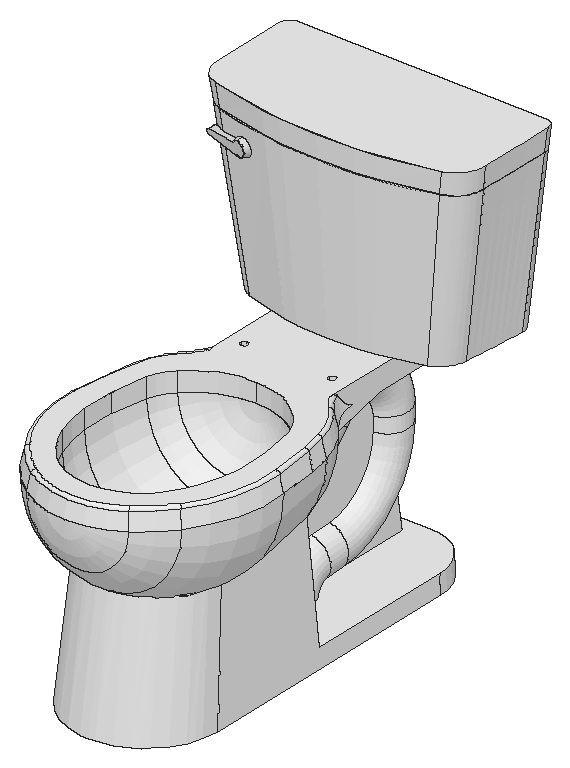
Revit family "Plumbing-Pressure-Assist-Water-Closet-Sloan-Valve-WETS-80098016_", category Plumbing Fixtures, host Face, Revit 2019
Family settings
  Host = Face
  Round Connector Dimension = Use Diameter
  Part Type = Normal
  OmniClass Number = 23.45.05.21.11.11
  OmniClass Title = Water Operated Water Closets
  Cut with Voids When Loaded = No
  Shared = No
  Room Calculation Point = No
Parameters (values of type "WETS-8009.8016")
  Width = 18 1/4"  # constant formula
  Water Closet Code = "2108009"
  Valve Pressure Drop = 0.00 psi
  Tank Code = "2108016"
  Sanitary Drain Connector Description = "Sanitary Drain Connector d2 1/8\""
  Sanitary Drain Connection Diameter = 2 1/8"  # constant formula
  Real Distance to Wall [instance] = if(Distance to Wall < 3/4", 3/4", Distance to Wall)  # 3/4"
  Waste Connection = yes
  WFU = 10
  Vent Connection = yes
  URL = "www.sloanvalve.com"
  Product data url = "https://bimobject.com/sloan_valve/product/pressure-assist-water-closets_sloan_wets-80098016"
  Product Material = Sloan Valve - Vitreous China - White
  Product Guid = ""
  Part Number = "WETS-8009.8016"
  Model = "WETS-8009.8016"
  Minimum Static Pressure = "25 PSI (138 kPa)"  # constant formula
  Maximum Static Pressure = "80 PSI (552 kPa)"  # constant formula
  Manufacturer = "Sloan Valve"  # constant formula
  Keynote = "15410"
  Height = 28 1/4"  # constant formula
  HWFU = 0
  HW Connection = yes
  Flush Rate = "1.0 gpf (3.8 Lpf)"
  Depth = 30 3/8"  # constant formula
  Cold Water Connector Description = "Cold Water Connector d1/2\""
  Cold Water Connection Diameter = 1/2"  # constant formula
  Edition number = 1
  Distance to Wall [instance] = 3/4"
  Description = "Floor-Mounted 1.0 gpf (3.8 Lpf) 12\" Rough-in Pressure-Assisted/Tank Toilet."
  Default Elevation = 0"
  CWFU = 10
  CW Connection = yes
  Assembly Code = "D2010"
  ADA Compliant [instance] = 1 = 2  # no
Reference planes
  plane 1 "Center (Front/Back)": y = 0
  plane 2: z = 0
  plane 3 "Center (Left/Right)": x = 0
  plane 4: x = -201.612
  plane 5: x = 201.613
  plane 6: y = -762.786
  plane 7: y = -19.05
  plane 8: x = -201.612
  plane 9: x = 201.613
  plane 10: y = -756.436
  plane 11: y = -12.7
Forms (mm)
  Blend 1, solid, material "Sloan Valve - Vitreous China - White" <- "Product Material"
    base sketch origin (0, 0, 0) x (1, 0, 0) y (0, 1, 0)
      loop
        arc (-34.925, -45.045) -> (-97.787, -71.084) -> (-123.825, -133.945) r 88.9
        line (-123.825, -133.945) -> (-123.825, -615.95)
        arc (-123.825, -615.95) -> (0, -739.775) -> (123.825, -615.95) r 123.825
        line (123.825, -615.95) -> (123.825, -133.945)
        arc (123.825, -133.945) -> (97.787, -71.084) -> (34.925, -45.045) r 88.9
        line (34.925, -45.045) -> (-34.925, -45.045)
    top sketch origin (0, 0, 0) x (1, 0, 0) y (0, 1, 0)
      loop
        arc (-109.537, -584.301) -> (0, -693.838) -> (109.537, -584.301) r 109.537
        line (109.537, -584.301) -> (109.537, -133.945)
        arc (109.537, -133.945) -> (83.499, -71.084) -> (20.637, -45.045) r 88.9
        line (20.637, -45.045) -> (-20.637, -45.045)
        arc (-20.637, -45.045) -> (-83.499, -71.084) -> (-109.537, -133.945) r 88.9
        line (-109.537, -133.945) -> (-109.537, -584.301)
    from 0 to 312.058
  Extrusion 2, solid, material "Sloan Valve - Vitreous China - White" <- "Product Material"
    sketch origin (0, 0, -25.4) x (0, 1, 0) y (0, 0, 1)
      loop
        line (-369.05, 348.14) -> (-241.882, 379.846) -> (-70.211, 379.846) -> (-64.931, 440.2) -> (-185.947, 440.2)
        arc (-185.947, 440.2) -> (-192.127, 425.28) -> (-207.047, 419.1) r 21.1
        line (-207.047, 419.1) -> (-369.05, 419.1) -> (-369.05, 348.14)
    from -104.047 to 104.047
  Sweep 3, solid, material "Sloan Valve - Vitreous China - White" <- "Product Material"
    path origin (0, 0, 0) x (0, 1, 0) y (0, 0, 1)
      loop
        line (-304.8, 0) -> (-304.8, 30.289)
        arc (-304.8, 30.289) -> (-293.174, 59.429) -> (-264.682, 72.564) r 42.333
        line (-264.682, 72.564) -> (-226.487, 74.566)
        arc (-226.487, 74.566) -> (-134.627, 116.914) -> (-97.145, 210.864) r 136.485
        line (-97.145, 210.864) -> (-97.145, 236.948)
        arc (-97.145, 236.948) -> (-144.28, 307.387) -> (-227.373, 290.682) r 76.2
        arc (-227.373, 290.682) -> (-233.15, 284.615) -> (-238.657, 278.301) r 192.236
        arc (-238.657, 278.301) -> (-334.604, 206.706) -> (-452.54, 186.145) r 257.901
    profile origin (0, -304.8, 15.145) x (0, -1, 0) y (1, 0, 0)
      loop
        circle (0, 0) r 38.1
  Extrusion 4, solid, material "Sloan Valve - Vitreous China - White" <- "Product Material"
    sketch origin (22.443, 0, 0) x (0, 1, 0) y (0, 0, 1)
      loop
        line (-68.2, 389.4) -> (-235.377, 389.4) -> (-261.569, 382.87) -> (-496.95, 175.082) -> (-484.132, 28.575) -> (-70.397, 28.575)
        arc (-70.397, 28.575) -> (-82.455, 126.803) -> (-68.088, 224.72) r 370.607
        arc (-68.088, 224.72) -> (-59.936, 265.377) -> (-58.507, 306.818) r 254
        arc (-58.507, 306.818) -> (-61.916, 348.278) -> (-68.2, 389.4) r 598.021
    from -28.793 to -16.093
  Extrusion 5, solid, not visible
    sketch origin (0, 0, 0) x (1, 0, 0) y (0, 0, 1)
      loop
        circle (-152.4, 254) r 6.35
    from 0 to 0.794
  Blend 6, solid, material "Sloan Valve - Vitreous China - White" <- "Product Material"
    base sketch origin (0, 0.822, 430.81) x (1, 0, 0) y (0, 1, 0)
      loop
        line (-196.16, -48.519) -> (-186.739, -156.202)
        arc (-186.739, -156.202) -> (-176.518, -182.59) -> (-153.766, -199.416) r 50.8
        arc (-153.766, -199.416) -> (0, -226.96) -> (153.766, -199.416) r 442.975
        arc (153.766, -199.416) -> (176.518, -182.59) -> (186.739, -156.202) r 50.8
        line (186.739, -156.202) -> (196.16, -48.519)
        arc (196.16, -48.519) -> (191.227, -33.989) -> (177.182, -27.809) r 19.05
        line (177.182, -27.809) -> (-177.182, -27.809)
        arc (-177.182, -27.809) -> (-191.227, -33.989) -> (-196.16, -48.519) r 19.05
    top sketch origin (0, 0.822, 430.81) x (1, 0, 0) y (0, 1, 0)
      loop
        arc (-212.725, -19.872) -> (-226.195, -25.451) -> (-231.775, -38.922) r 19.05
        line (-231.775, -38.922) -> (-231.775, -172.47)
        arc (-231.775, -172.47) -> (-221.507, -203.094) -> (-194.854, -221.338) r 50.8
        arc (-194.854, -221.338) -> (0, -248.472) -> (194.854, -221.338) r 713.209
        arc (194.854, -221.338) -> (221.507, -203.094) -> (231.775, -172.47) r 50.8
        line (231.775, -172.47) -> (231.775, -38.922)
        arc (231.775, -38.922) -> (226.195, -25.451) -> (212.725, -19.872) r 19.05
        line (212.725, -19.872) -> (-212.725, -19.872)
    from -37.11 to 286.74
  Extrusion 7, solid, material "Sloan Valve - Finish - Polished Chrome"
    sketch origin (-20.292, -269.587, 900.595) x (-0.97881, 0.203994, 0.017847) y (0, 0.087156, -0.996195)
      loop
        line (127, 257.261) -> (188.747, 261.579)
        arc (188.747, 261.579) -> (192.467, 265.466) -> (188.955, 269.542) r 4.001
        line (188.955, 269.542) -> (127, 277.149) -> (127, 257.261)
    from 0 to 12.7
  Revolve 8, solid, material "Sloan Valve - Finish - Polished Chrome"
    sketch origin (-369.854, -1316.287, 809.02) x (-0.204773, -0.975085, -0.085309) y (0, 0.087156, -0.996195)
      loop
        line (-1100.014, 265.639) -> (-1087.314, 265.639) -> (-1087.314, 277.803) -> (-1087.756, 278.482) -> (-1100.014, 282.465) -> (-1100.014, 265.639)
      axis (-1100.014, 265.639) -> (-1087.314, 265.639)
    angle from 0 to 360
  Revolve 9, solid, material "Sloan Valve - Vitreous China - White" <- "Product Material"
    sketch origin (0, -107.509, 360.363) x (1, 0, 0) y (0, 1, 0)
      loop
        line (0, -683.066) -> (0, -633.619)
        arc (0, -633.619) -> (-54.455, -620.155) -> (-96.361, -582.866) r 116.854
        arc (-96.361, -582.866) -> (-108.844, -562.27) -> (-118.928, -540.399) r 213.603
        arc (-118.928, -540.399) -> (-129.044, -507.813) -> (-134.203, -474.085) r 228.843
        arc (-134.203, -474.085) -> (-133.643, -413.542) -> (-122.68, -353.997) r 350.763
        arc (-122.68, -353.997) -> (-114.097, -332.991) -> (-100.788, -314.61) r 95.25
        arc (-100.788, -314.61) -> (-55.004, -282.028) -> (0, -270.524) r 137.251
        line (0, -270.524) -> (0, -209.239)
        arc (0, -209.239) -> (-18.194, -209.694) -> (-36.342, -211.057) r 364.157
        arc (-36.342, -211.057) -> (-122.715, -249.087) -> (-170.133, -330.684) r 152.4
        arc (-170.133, -330.684) -> (-180.229, -386.679) -> (-186.583, -443.221) r 855.912
        arc (-186.583, -443.221) -> (-178.018, -528.288) -> (-140.189, -604.962) r 240.102
        arc (-140.189, -604.962) -> (-116.352, -632.223) -> (-88.426, -655.277) r 223.457
        arc (-88.426, -655.277) -> (-46.345, -675.956) -> (0, -683.066) r 154.581
      axis (0, -209.239) -> (0, -683.066)
    angle from 0 to 180
  Extrusion 10, solid, material "Vitreous China-Sloan-White"
    sketch origin (0, -122.297, -1.685) x (1, 0, 0) y (0, 0, 1)
      loop
        arc (57.698, 221.011) -> (0.981, 212.195) -> (-56.307, 215.748) r 266.082
        line (-56.307, 215.748) -> (-39.243, 151.174)
        arc (-39.243, 151.174) -> (0, 120.954) -> (39.243, 151.174) r 40.59
        line (39.243, 151.174) -> (57.698, 221.011)
    from 346.299 to 429.496
  Blend 11, solid, material "Sloan Valve - Vitreous China - White" <- "Product Material"
    base sketch origin (0, -108.545, 375.1) x (1, 0, 0) y (0, 0, 1)
      loop
        line (25.325, -14.42) -> (-25.325, -14.42) -> (-25.325, -20.654)
        arc (-25.325, -20.654) -> (0, -45.979) -> (25.325, -20.654) r 25.325
        line (25.325, -20.654) -> (25.325, -14.42)
    top sketch origin (0, -108.545, 375.1) x (1, 0, 0) y (0, 0, 1)
      loop
        line (46.038, -14.42) -> (-46.037, -14.42) -> (-46.037, -23.887)
        arc (-46.037, -23.887) -> (0, -69.925) -> (46.038, -23.887) r 46.037
        line (46.038, -23.887) -> (46.038, -14.42)
    from 129.035 to 108.105
  Blend 12, solid, material "Sloan Valve - Vitreous China - White" <- "Product Material"
    base sketch origin (0, -108.545, 375.1) x (1, 0, 0) y (0, 0, 1)
      loop
        line (46.038, -14.42) -> (-46.037, -14.42) -> (-46.037, -23.887)
        arc (-46.037, -23.887) -> (0, -69.925) -> (46.038, -23.887) r 46.037
        line (46.038, -23.887) -> (46.038, -14.42)
    top sketch origin (0, -108.545, 375.1) x (1, 0, 0) y (0, 0, 1)
      loop
        line (46.038, -14.42) -> (-46.037, -14.42) -> (-46.037, -43.731)
        arc (-46.037, -43.731) -> (0, -89.769) -> (46.038, -43.731) r 46.038
        line (46.038, -43.731) -> (46.038, -14.42)
    from 108.105 to 38.1
  Sweep 13, solid, material "Sloan Valve - Vitreous China - White" <- "Product Material"
    path origin (0, -122.297, 0) x (0, 1, 0) y (0, 0, 1)
      loop
        arc (-352.549, 201.173) -> (-327.484, 201.16) -> (-302.744, 205.182) r 155.194
        arc (-302.744, 205.182) -> (-278.132, 217.142) -> (-260.549, 238.11) r 65.532
        arc (-260.549, 238.11) -> (-246.125, 268.805) -> (-234.718, 300.744) r 352.298
        arc (-234.718, 300.744) -> (-234.446, 301.431) -> (-234.066, 302.064) r 4.499
        arc (-234.066, 302.064) -> (-210.936, 321.963) -> (-181.277, 329.121) r 65.024
        line (-181.277, 329.121) -> (-115.283, 329.121)
    profile origin (0, -270.577, 329.121) x (0, 0, 1) y (1, 0, 0)
      loop
        line (25.325, -25.325) -> (25.325, 25.325)
        arc (25.325, 25.325) -> (0, 0) -> (25.325, -25.325) r 25.325
  Sweep 14, solid, material "Sloan Valve - Vitreous China - White" <- "Product Material"
    path origin (0, 0, 0) x (1, 0, 0) y (0, 1, 0)
      loop
        line (-104.047, -185.947) -> (-104.047, -295.646)
        arc (-104.047, -295.646) -> (-111.251, -333.222) -> (-131.841, -365.47) r 101.6
        arc (-131.841, -365.47) -> (-155.982, -399.201) -> (-170.133, -438.192) r 152.4
        arc (-170.133, -438.192) -> (-174.125, -457.895) -> (-177.652, -477.686) r 855.912
        arc (-177.652, -477.686) -> (-182.903, -514.112) -> (-186.583, -550.729) r 855.912
        arc (-186.583, -550.729) -> (-178.018, -635.797) -> (-140.189, -712.47) r 240.102
        arc (-140.189, -712.47) -> (-116.352, -739.732) -> (-88.426, -762.786) r 223.457
        arc (-88.426, -762.786) -> (0, -790.575) -> (88.426, -762.786) r 154.581
        arc (88.426, -762.786) -> (116.352, -739.732) -> (140.189, -712.47) r 223.457
        arc (140.189, -712.47) -> (178.018, -635.797) -> (186.583, -550.729) r 240.102
        arc (186.583, -550.729) -> (182.903, -514.112) -> (177.652, -477.686) r 855.912
        arc (177.652, -477.686) -> (174.125, -457.895) -> (170.133, -438.192) r 855.912
        arc (170.133, -438.192) -> (155.982, -399.201) -> (131.841, -365.47) r 152.4
        arc (131.841, -365.47) -> (111.251, -333.222) -> (104.047, -295.646) r 101.6
        line (104.047, -295.646) -> (104.047, -185.947)
    profile origin (0, -790.575, 0) x (0, 1, 0) y (0, 0, 1)
      loop
        line (0, 360.362) -> (18.191, 360.362) -> (18.191, 393.7) -> (12.748, 393.7)
        arc (12.748, 393.7) -> (8.795, 392.32) -> (6.56, 388.778) r 6.35
        line (6.56, 388.778) -> (0, 360.362)
  Extrusion 15, void
    sketch origin (0, 0, 0) x (1, 0, 0) y (0, 1, 0)
      loop
        arc (118.928, -647.907) -> (129.044, -615.321) -> (134.203, -581.593) r 228.843
        arc (134.203, -581.593) -> (135.243, -552.98) -> (133.946, -524.377) r 350.763
        arc (133.946, -524.377) -> (129.747, -492.684) -> (122.68, -461.506) r 350.763
        arc (122.68, -461.506) -> (114.097, -440.499) -> (100.788, -422.119) r 95.25
        arc (100.788, -422.119) -> (55.004, -389.536) -> (0, -378.032) r 137.251
        arc (0, -378.032) -> (-55.004, -389.536) -> (-100.788, -422.119) r 137.251
        arc (-100.788, -422.119) -> (-114.097, -440.499) -> (-122.68, -461.506) r 95.25
        arc (-122.68, -461.506) -> (-129.747, -492.684) -> (-133.946, -524.377) r 350.763
        arc (-133.946, -524.377) -> (-135.243, -552.98) -> (-134.203, -581.593) r 350.763
        arc (-134.203, -581.593) -> (-129.044, -615.321) -> (-118.928, -647.907) r 228.843
        arc (-118.928, -647.907) -> (-108.844, -669.778) -> (-96.361, -690.375) r 213.603
        arc (-96.361, -690.375) -> (-54.455, -727.664) -> (0, -741.127) r 116.854
        arc (0, -741.127) -> (54.455, -727.664) -> (96.361, -690.375) r 116.854
        arc (96.361, -690.375) -> (108.844, -669.778) -> (118.928, -647.907) r 213.603
    from 360.362 to 393.7
  Extrusion 16, solid, material "Sloan Valve - Vitreous China - White" <- "Product Material"
    sketch origin (0, 0, 0) x (1, 0, 0) y (0, 1, 0)
      loop
        arc (-168.448, -552.159) -> (-160.532, -630.781) -> (-125.569, -701.646) r 221.912
        arc (-125.569, -701.646) -> (-103.673, -726.688) -> (-78.02, -747.865) r 205.266
        arc (-78.02, -747.865) -> (0, -772.384) -> (78.02, -747.865) r 136.39
        arc (78.02, -747.865) -> (103.673, -726.688) -> (125.569, -701.646) r 205.266
        arc (125.569, -701.646) -> (160.532, -630.781) -> (168.448, -552.159) r 221.912
        arc (168.448, -552.159) -> (164.847, -516.319) -> (159.708, -480.668) r 837.721
        arc (159.708, -480.668) -> (156.255, -461.297) -> (152.348, -442.013) r 837.721
        arc (152.348, -442.013) -> (139.886, -407.676) -> (118.627, -377.971) r 134.209
        arc (118.627, -377.971) -> (110.867, -368.903) -> (104.047, -359.107) r 119.791
        line (104.047, -359.107) -> (104.047, -369.05) -> (-104.047, -369.05) -> (-104.047, -359.107)
        arc (-104.047, -359.107) -> (-110.867, -368.903) -> (-118.627, -377.971) r 119.791
        arc (-118.627, -377.971) -> (-139.886, -407.676) -> (-152.348, -442.013) r 134.209
        arc (-152.348, -442.013) -> (-156.255, -461.297) -> (-159.708, -480.668) r 837.721
        arc (-159.708, -480.668) -> (-164.847, -516.319) -> (-168.448, -552.159) r 837.721
    from 360.362 to 393.7
  Extrusion 17, void
    sketch origin (0, 0, 0) x (0, 1, 0) y (0, 0, 1)
      loop
        line (-419.1, 368.114) -> (-395.566, 31.564) -> (-10.202, 31.564) -> (-10.202, 368.114) -> (-419.1, 368.114)
    from -219.74 to 304.8
  Revolve 18, void
    sketch origin (0, -107.509, 360.363) x (1, 0, 0) y (0, 1, 0)
      loop
        line (0, -639.969) -> (0, -264.174)
        arc (0, -264.174) -> (-57.549, -276.21) -> (-105.451, -310.3) r 143.601
        arc (-105.451, -310.3) -> (-119.647, -329.906) -> (-128.802, -352.313) r 101.6
        arc (-128.802, -352.313) -> (-139.964, -412.935) -> (-140.534, -474.574) r 357.113
        arc (-140.534, -474.574) -> (-135.232, -509.238) -> (-124.835, -542.728) r 235.193
        arc (-124.835, -542.728) -> (-114.451, -565.249) -> (-101.598, -586.458) r 219.953
        arc (-101.598, -586.458) -> (-57.414, -625.773) -> (0, -639.969) r 123.204
      axis (0, -264.174) -> (0, -639.969)
    angle from 0 to 180
  Extrusion 19, void
    sketch origin (0, 0, 0) x (1, 0, 0) y (0, 1, 0)
      loop
        arc (-212.725, -19.05) -> (-226.195, -24.63) -> (-231.775, -38.1) r 19.05
        line (-231.775, -38.1) -> (-231.775, -171.649)
        arc (-231.775, -171.649) -> (-221.507, -202.272) -> (-194.854, -220.516) r 50.8
        arc (-194.854, -220.516) -> (0, -247.65) -> (194.854, -220.516) r 713.209
        arc (194.854, -220.516) -> (221.507, -202.272) -> (231.775, -171.649) r 50.8
        line (231.775, -171.649) -> (231.775, -38.1)
        arc (231.775, -38.1) -> (226.195, -24.63) -> (212.725, -19.05) r 19.05
        line (212.725, -19.05) -> (-212.725, -19.05)
      loop
        line (-225.425, -38.1) -> (-225.425, -171.649)
        arc (-225.425, -171.649) -> (-216.441, -198.444) -> (-193.119, -214.408) r 44.45
        arc (-193.119, -214.408) -> (0, -241.3) -> (193.119, -214.408) r 706.859
        arc (193.119, -214.408) -> (216.441, -198.444) -> (225.425, -171.649) r 44.45
        line (225.425, -171.649) -> (225.425, -38.1)
        arc (225.425, -38.1) -> (221.705, -29.12) -> (212.725, -25.4) r 12.7
        line (212.725, -25.4) -> (-212.725, -25.4)
        arc (-212.725, -25.4) -> (-221.705, -29.12) -> (-225.425, -38.1) r 12.7
    from 678.093 to 679.681
  Extrusion 20, void
    sketch origin (0, 0, 0) x (1, 0, 0) y (0, 1, 0)
      loop
        circle (-76.2, -307.975) r 6.35
      loop
        circle (76.2, -307.975) r 6.35
    from 341.312 to 499.954
  Blend 21, solid, material "Sloan Valve - Vitreous China - White" <- "Product Material", not visible
    base sketch origin (0, 6.35, 0) x (1, 0, 0) y (0, 1, 0)
      loop
        arc (-34.925, -45.045) -> (-97.787, -71.084) -> (-123.825, -133.945) r 88.9
        line (-123.825, -133.945) -> (-123.825, -615.95)
        arc (-123.825, -615.95) -> (0, -739.775) -> (123.825, -615.95) r 123.825
        line (123.825, -615.95) -> (123.825, -133.945)
        arc (123.825, -133.945) -> (97.787, -71.084) -> (34.925, -45.045) r 88.9
        line (34.925, -45.045) -> (-34.925, -45.045)
    top sketch origin (0, 6.35, 0) x (1, 0, 0) y (0, 1, 0)
      loop
        arc (-109.537, -584.301) -> (0, -693.838) -> (109.537, -584.301) r 109.537
        line (109.537, -584.301) -> (109.537, -133.945)
        arc (109.537, -133.945) -> (83.499, -71.084) -> (20.637, -45.045) r 88.9
        line (20.637, -45.045) -> (-20.637, -45.045)
        arc (-20.637, -45.045) -> (-83.499, -71.084) -> (-109.537, -133.945) r 88.9
        line (-109.537, -133.945) -> (-109.537, -584.301)
    from 0 to 312.058
  Extrusion 22, solid, material "Sloan Valve - Vitreous China - White" <- "Product Material", not visible
    sketch origin (0, 6.35, -25.4) x (0, 1, 0) y (0, 0, 1)
      loop
        line (-369.05, 348.14) -> (-241.882, 379.846) -> (-70.211, 379.846) -> (-64.931, 440.2) -> (-185.947, 440.2)
        arc (-185.947, 440.2) -> (-192.127, 425.28) -> (-207.047, 419.1) r 21.1
        line (-207.047, 419.1) -> (-369.05, 419.1) -> (-369.05, 348.14)
    from -104.047 to 104.047
  Sweep 23, solid, material "Sloan Valve - Vitreous China - White" <- "Product Material", not visible
    path origin (0, 6.35, 0) x (0, 1, 0) y (0, 0, 1)
      loop
        line (-304.8, 0) -> (-304.8, 30.289)
        arc (-304.8, 30.289) -> (-293.174, 59.429) -> (-264.682, 72.564) r 42.333
        line (-264.682, 72.564) -> (-226.487, 74.566)
        arc (-226.487, 74.566) -> (-134.627, 116.914) -> (-97.145, 210.864) r 136.485
        line (-97.145, 210.864) -> (-97.145, 236.948)
        arc (-97.145, 236.948) -> (-144.28, 307.387) -> (-227.373, 290.682) r 76.2
        arc (-227.373, 290.682) -> (-233.15, 284.615) -> (-238.657, 278.301) r 192.236
        arc (-238.657, 278.301) -> (-334.604, 206.706) -> (-452.54, 186.145) r 257.901
    profile origin (0, -298.45, 15.145) x (0, -1, 0) y (1, 0, 0)
      loop
        circle (0, 0) r 38.1
  Extrusion 24, solid, material "Sloan Valve - Vitreous China - White" <- "Product Material", not visible
    sketch origin (22.443, 6.35, 0) x (0, 1, 0) y (0, 0, 1)
      loop
        line (-68.2, 389.4) -> (-235.377, 389.4) -> (-261.569, 382.87) -> (-496.95, 175.082) -> (-484.132, 28.575) -> (-70.397, 28.575)
        arc (-70.397, 28.575) -> (-82.455, 126.803) -> (-68.088, 224.72) r 370.607
        arc (-68.088, 224.72) -> (-59.936, 265.377) -> (-58.507, 306.818) r 254
        arc (-58.507, 306.818) -> (-61.916, 348.278) -> (-68.2, 389.4) r 598.021
    from -28.793 to -16.093
  Blend 25, solid, material "Sloan Valve - Vitreous China - White" <- "Product Material", not visible
    base sketch origin (0, 7.172, 430.81) x (1, 0, 0) y (0, 1, 0)
      loop
        line (-196.16, -48.519) -> (-186.739, -156.202)
        arc (-186.739, -156.202) -> (-176.518, -182.59) -> (-153.766, -199.416) r 50.8
        arc (-153.766, -199.416) -> (0, -226.96) -> (153.766, -199.416) r 442.975
        arc (153.766, -199.416) -> (176.518, -182.59) -> (186.739, -156.202) r 50.8
        line (186.739, -156.202) -> (196.16, -48.519)
        arc (196.16, -48.519) -> (191.227, -33.989) -> (177.182, -27.809) r 19.05
        line (177.182, -27.809) -> (-177.182, -27.809)
        arc (-177.182, -27.809) -> (-191.227, -33.989) -> (-196.16, -48.519) r 19.05
    top sketch origin (0, 7.172, 430.81) x (1, 0, 0) y (0, 1, 0)
      loop
        arc (-212.725, -19.872) -> (-226.195, -25.451) -> (-231.775, -38.922) r 19.05
        line (-231.775, -38.922) -> (-231.775, -172.47)
        arc (-231.775, -172.47) -> (-221.507, -203.094) -> (-194.854, -221.338) r 50.8
        arc (-194.854, -221.338) -> (0, -248.472) -> (194.854, -221.338) r 713.209
        arc (194.854, -221.338) -> (221.507, -203.094) -> (231.775, -172.47) r 50.8
        line (231.775, -172.47) -> (231.775, -38.922)
        arc (231.775, -38.922) -> (226.195, -25.451) -> (212.725, -19.872) r 19.05
        line (212.725, -19.872) -> (-212.725, -19.872)
    from -37.11 to 286.74
  Extrusion 26, solid, material "Sloan Valve - Finish - Polished Chrome", not visible
    sketch origin (-20.292, -263.237, 900.595) x (-0.97881, 0.203994, 0.017847) y (0, 0.087156, -0.996195)
      loop
        line (127, 257.261) -> (188.747, 261.579)
        arc (188.747, 261.579) -> (192.467, 265.466) -> (188.955, 269.542) r 4.001
        line (188.955, 269.542) -> (127, 277.149) -> (127, 257.261)
    from 0 to 12.7
  Revolve 27, solid, material "Sloan Valve - Finish - Polished Chrome", not visible
    sketch origin (-369.854, -1309.937, 809.02) x (-0.204773, -0.975085, -0.085309) y (0, 0.087156, -0.996195)
      loop
        line (-1100.014, 265.639) -> (-1087.314, 265.639) -> (-1087.314, 277.803) -> (-1087.756, 278.482) -> (-1100.014, 282.465) -> (-1100.014, 265.639)
      axis (-1100.014, 265.639) -> (-1087.314, 265.639)
    angle from 0 to 360
  Revolve 28, solid, material "Sloan Valve - Vitreous China - White" <- "Product Material", not visible
    sketch origin (0, -101.159, 360.363) x (1, 0, 0) y (0, 1, 0)
      loop
        line (0, -683.066) -> (0, -633.619)
        arc (0, -633.619) -> (-54.455, -620.155) -> (-96.361, -582.866) r 116.854
        arc (-96.361, -582.866) -> (-108.844, -562.27) -> (-118.928, -540.399) r 213.603
        arc (-118.928, -540.399) -> (-129.044, -507.813) -> (-134.203, -474.085) r 228.843
        arc (-134.203, -474.085) -> (-133.643, -413.542) -> (-122.68, -353.997) r 350.763
        arc (-122.68, -353.997) -> (-114.097, -332.991) -> (-100.788, -314.61) r 95.25
        arc (-100.788, -314.61) -> (-55.004, -282.028) -> (0, -270.524) r 137.251
        line (0, -270.524) -> (0, -209.239)
        arc (0, -209.239) -> (-18.194, -209.694) -> (-36.342, -211.057) r 364.157
        arc (-36.342, -211.057) -> (-122.715, -249.087) -> (-170.133, -330.684) r 152.4
        arc (-170.133, -330.684) -> (-180.229, -386.679) -> (-186.583, -443.221) r 855.912
        arc (-186.583, -443.221) -> (-178.018, -528.288) -> (-140.189, -604.962) r 240.102
        arc (-140.189, -604.962) -> (-116.352, -632.223) -> (-88.426, -655.277) r 223.457
        arc (-88.426, -655.277) -> (-46.345, -675.956) -> (0, -683.066) r 154.581
      axis (0, -209.239) -> (0, -683.066)
    angle from 0 to 180
  Extrusion 29, solid, material "Vitreous China-Sloan-White", not visible
    sketch origin (0, -115.947, -1.685) x (1, 0, 0) y (0, 0, 1)
      loop
        arc (57.698, 221.011) -> (0.981, 212.195) -> (-56.307, 215.748) r 266.082
        line (-56.307, 215.748) -> (-39.243, 151.174)
        arc (-39.243, 151.174) -> (0, 120.954) -> (39.243, 151.174) r 40.59
        line (39.243, 151.174) -> (57.698, 221.011)
    from 346.299 to 429.496
  Blend 30, solid, material "Sloan Valve - Vitreous China - White" <- "Product Material", not visible
    base sketch origin (0, -102.195, 375.1) x (1, 0, 0) y (0, 0, 1)
      loop
        line (25.325, -14.42) -> (-25.325, -14.42) -> (-25.325, -20.654)
        arc (-25.325, -20.654) -> (0, -45.979) -> (25.325, -20.654) r 25.325
        line (25.325, -20.654) -> (25.325, -14.42)
    top sketch origin (0, -102.195, 375.1) x (1, 0, 0) y (0, 0, 1)
      loop
        line (46.038, -14.42) -> (-46.037, -14.42) -> (-46.037, -23.887)
        arc (-46.037, -23.887) -> (0, -69.925) -> (46.038, -23.887) r 46.037
        line (46.038, -23.887) -> (46.038, -14.42)
    from 129.035 to 108.105
  Blend 31, solid, material "Sloan Valve - Vitreous China - White" <- "Product Material", not visible
    base sketch origin (0, -102.195, 375.1) x (1, 0, 0) y (0, 0, 1)
      loop
        line (46.038, -14.42) -> (-46.037, -14.42) -> (-46.037, -23.887)
        arc (-46.037, -23.887) -> (0, -69.925) -> (46.038, -23.887) r 46.037
        line (46.038, -23.887) -> (46.038, -14.42)
    top sketch origin (0, -102.195, 375.1) x (1, 0, 0) y (0, 0, 1)
      loop
        line (46.038, -14.42) -> (-46.037, -14.42) -> (-46.037, -43.731)
        arc (-46.037, -43.731) -> (0, -89.769) -> (46.038, -43.731) r 46.038
        line (46.038, -43.731) -> (46.038, -14.42)
    from 108.105 to 38.1
  Sweep 32, solid, material "Sloan Valve - Vitreous China - White" <- "Product Material", not visible
    path origin (0, -115.947, 0) x (0, 1, 0) y (0, 0, 1)
      loop
        arc (-352.549, 201.173) -> (-327.484, 201.16) -> (-302.744, 205.182) r 155.194
        arc (-302.744, 205.182) -> (-278.132, 217.142) -> (-260.549, 238.11) r 65.532
        arc (-260.549, 238.11) -> (-246.125, 268.805) -> (-234.718, 300.744) r 352.298
        arc (-234.718, 300.744) -> (-234.446, 301.431) -> (-234.066, 302.064) r 4.499
        arc (-234.066, 302.064) -> (-210.936, 321.963) -> (-181.277, 329.121) r 65.024
        line (-181.277, 329.121) -> (-115.283, 329.121)
    profile origin (0, -264.227, 329.121) x (0, 0, 1) y (1, 0, 0)
      loop
        line (25.325, -25.325) -> (25.325, 25.325)
        arc (25.325, 25.325) -> (0, 0) -> (25.325, -25.325) r 25.325
  Sweep 33, solid, material "Sloan Valve - Vitreous China - White" <- "Product Material", not visible
    path origin (0, 6.35, 0) x (1, 0, 0) y (0, 1, 0)
      loop
        line (-104.047, -185.947) -> (-104.047, -295.646)
        arc (-104.047, -295.646) -> (-111.251, -333.222) -> (-131.841, -365.47) r 101.6
        arc (-131.841, -365.47) -> (-155.982, -399.201) -> (-170.133, -438.192) r 152.4
        arc (-170.133, -438.192) -> (-174.125, -457.895) -> (-177.652, -477.686) r 855.912
        arc (-177.652, -477.686) -> (-182.903, -514.112) -> (-186.583, -550.729) r 855.912
        arc (-186.583, -550.729) -> (-178.018, -635.797) -> (-140.189, -712.47) r 240.102
        arc (-140.189, -712.47) -> (-116.352, -739.732) -> (-88.426, -762.786) r 223.457
        arc (-88.426, -762.786) -> (0, -790.575) -> (88.426, -762.786) r 154.581
        arc (88.426, -762.786) -> (116.352, -739.732) -> (140.189, -712.47) r 223.457
        arc (140.189, -712.47) -> (178.018, -635.797) -> (186.583, -550.729) r 240.102
        arc (186.583, -550.729) -> (182.903, -514.112) -> (177.652, -477.686) r 855.912
        arc (177.652, -477.686) -> (174.125, -457.895) -> (170.133, -438.192) r 855.912
        arc (170.133, -438.192) -> (155.982, -399.201) -> (131.841, -365.47) r 152.4
        arc (131.841, -365.47) -> (111.251, -333.222) -> (104.047, -295.646) r 101.6
        line (104.047, -295.646) -> (104.047, -185.947)
    profile origin (0, -784.225, 0) x (0, 1, 0) y (0, 0, 1)
      loop
        line (0, 360.362) -> (18.191, 360.362) -> (18.191, 393.7) -> (12.748, 393.7)
        arc (12.748, 393.7) -> (8.795, 392.32) -> (6.56, 388.778) r 6.35
        line (6.56, 388.778) -> (0, 360.362)
  Extrusion 34, void, not visible
    sketch origin (0, 6.35, 0) x (1, 0, 0) y (0, 1, 0)
      loop
        arc (118.928, -647.907) -> (129.044, -615.321) -> (134.203, -581.593) r 228.843
        arc (134.203, -581.593) -> (135.243, -552.98) -> (133.946, -524.377) r 350.763
        arc (133.946, -524.377) -> (129.747, -492.684) -> (122.68, -461.506) r 350.763
        arc (122.68, -461.506) -> (114.097, -440.499) -> (100.788, -422.119) r 95.25
        arc (100.788, -422.119) -> (55.004, -389.536) -> (0, -378.032) r 137.251
        arc (0, -378.032) -> (-55.004, -389.536) -> (-100.788, -422.119) r 137.251
        arc (-100.788, -422.119) -> (-114.097, -440.499) -> (-122.68, -461.506) r 95.25
        arc (-122.68, -461.506) -> (-129.747, -492.684) -> (-133.946, -524.377) r 350.763
        arc (-133.946, -524.377) -> (-135.243, -552.98) -> (-134.203, -581.593) r 350.763
        arc (-134.203, -581.593) -> (-129.044, -615.321) -> (-118.928, -647.907) r 228.843
        arc (-118.928, -647.907) -> (-108.844, -669.778) -> (-96.361, -690.375) r 213.603
        arc (-96.361, -690.375) -> (-54.455, -727.664) -> (0, -741.127) r 116.854
        arc (0, -741.127) -> (54.455, -727.664) -> (96.361, -690.375) r 116.854
        arc (96.361, -690.375) -> (108.844, -669.778) -> (118.928, -647.907) r 213.603
    from 360.362 to 393.7
  Extrusion 35, solid, material "Sloan Valve - Vitreous China - White" <- "Product Material", not visible
    sketch origin (0, 6.35, 0) x (1, 0, 0) y (0, 1, 0)
      loop
        arc (-168.448, -552.159) -> (-160.532, -630.781) -> (-125.569, -701.646) r 221.912
        arc (-125.569, -701.646) -> (-103.673, -726.688) -> (-78.02, -747.865) r 205.266
        arc (-78.02, -747.865) -> (0, -772.384) -> (78.02, -747.865) r 136.39
        arc (78.02, -747.865) -> (103.673, -726.688) -> (125.569, -701.646) r 205.266
        arc (125.569, -701.646) -> (160.532, -630.781) -> (168.448, -552.159) r 221.912
        arc (168.448, -552.159) -> (164.847, -516.319) -> (159.708, -480.668) r 837.721
        arc (159.708, -480.668) -> (156.255, -461.297) -> (152.348, -442.013) r 837.721
        arc (152.348, -442.013) -> (139.886, -407.676) -> (118.627, -377.971) r 134.209
        arc (118.627, -377.971) -> (110.867, -368.903) -> (104.047, -359.107) r 119.791
        line (104.047, -359.107) -> (104.047, -369.05) -> (-104.047, -369.05) -> (-104.047, -359.107)
        arc (-104.047, -359.107) -> (-110.867, -368.903) -> (-118.627, -377.971) r 119.791
        arc (-118.627, -377.971) -> (-139.886, -407.676) -> (-152.348, -442.013) r 134.209
        arc (-152.348, -442.013) -> (-156.255, -461.297) -> (-159.708, -480.668) r 837.721
        arc (-159.708, -480.668) -> (-164.847, -516.319) -> (-168.448, -552.159) r 837.721
    from 360.362 to 393.7
  Extrusion 36, void, not visible
    sketch origin (0, 6.35, 0) x (0, 1, 0) y (0, 0, 1)
      loop
        line (-419.1, 368.114) -> (-395.566, 31.564) -> (-10.202, 31.564) -> (-10.202, 368.114) -> (-419.1, 368.114)
    from -219.74 to 304.8
  Revolve 37, void, not visible
    sketch origin (0, -101.159, 360.363) x (1, 0, 0) y (0, 1, 0)
      loop
        line (0, -639.969) -> (0, -264.174)
        arc (0, -264.174) -> (-57.549, -276.21) -> (-105.451, -310.3) r 143.601
        arc (-105.451, -310.3) -> (-119.647, -329.906) -> (-128.802, -352.313) r 101.6
        arc (-128.802, -352.313) -> (-139.964, -412.935) -> (-140.534, -474.574) r 357.113
        arc (-140.534, -474.574) -> (-135.232, -509.238) -> (-124.835, -542.728) r 235.193
        arc (-124.835, -542.728) -> (-114.451, -565.249) -> (-101.598, -586.458) r 219.953
        arc (-101.598, -586.458) -> (-57.414, -625.773) -> (0, -639.969) r 123.204
      axis (0, -264.174) -> (0, -639.969)
    angle from 0 to 180
  Extrusion 38, void, not visible
    sketch origin (0, 6.35, 0) x (1, 0, 0) y (0, 1, 0)
      loop
        arc (-212.725, -19.05) -> (-226.195, -24.63) -> (-231.775, -38.1) r 19.05
        line (-231.775, -38.1) -> (-231.775, -171.649)
        arc (-231.775, -171.649) -> (-221.507, -202.272) -> (-194.854, -220.516) r 50.8
        arc (-194.854, -220.516) -> (0, -247.65) -> (194.854, -220.516) r 713.209
        arc (194.854, -220.516) -> (221.507, -202.272) -> (231.775, -171.649) r 50.8
        line (231.775, -171.649) -> (231.775, -38.1)
        arc (231.775, -38.1) -> (226.195, -24.63) -> (212.725, -19.05) r 19.05
        line (212.725, -19.05) -> (-212.725, -19.05)
      loop
        line (-225.425, -38.1) -> (-225.425, -171.649)
        arc (-225.425, -171.649) -> (-216.441, -198.444) -> (-193.119, -214.408) r 44.45
        arc (-193.119, -214.408) -> (0, -241.3) -> (193.119, -214.408) r 706.859
        arc (193.119, -214.408) -> (216.441, -198.444) -> (225.425, -171.649) r 44.45
        line (225.425, -171.649) -> (225.425, -38.1)
        arc (225.425, -38.1) -> (221.705, -29.12) -> (212.725, -25.4) r 12.7
        line (212.725, -25.4) -> (-212.725, -25.4)
        arc (-212.725, -25.4) -> (-221.705, -29.12) -> (-225.425, -38.1) r 12.7
    from 678.093 to 679.681
  Extrusion 39, void, not visible
    sketch origin (0, 6.35, 0) x (1, 0, 0) y (0, 1, 0)
      loop
        circle (-76.2, -307.975) r 6.35
      loop
        circle (76.2, -307.975) r 6.35
    from 341.312 to 499.954
Cuts and joins
  Extrusion 17, Revolve 18 cuts Blend 1
  Extrusion 20 cuts Extrusion 2
  Extrusion 15 cuts Extrusion 16
  joined: Extrusion 2, Sweep 14, Extrusion 16
  joined: Extrusion 7, Revolve 8
  Extrusion 19 cuts Blend 6
Lines and regions (mm)
  Masking region 1
    outline origin (0, 0, 0) x (1, 0, 0) y (0, 1, 0)
      loop
        line (212.725, -19.05) -> (-212.725, -19.05)
        arc (-212.725, -19.05) -> (-226.195, -24.63) -> (-231.775, -38.1) r 19.05
        line (-231.775, -38.1) -> (-231.775, -171.649)
        arc (-231.775, -171.649) -> (-221.507, -202.272) -> (-194.854, -220.516) r 50.8
        arc (-194.854, -220.516) -> (-159.548, -229.575) -> (-123.825, -236.819) r 713.209
        line (-123.825, -236.819) -> (-123.825, -355.877)
        arc (-123.825, -355.877) -> (-127.686, -360.797) -> (-131.841, -365.47) r 101.6
        arc (-131.841, -365.47) -> (-155.982, -399.201) -> (-170.133, -438.192) r 152.4
        arc (-170.133, -438.192) -> (-174.125, -457.895) -> (-177.652, -477.686) r 855.912
        arc (-177.652, -477.686) -> (-182.903, -514.112) -> (-186.583, -550.729) r 855.912
        arc (-186.583, -550.729) -> (-178.018, -635.797) -> (-140.189, -712.47) r 240.102
        arc (-140.189, -712.47) -> (-116.352, -739.732) -> (-88.426, -762.786) r 223.457
        arc (-88.426, -762.786) -> (0, -790.575) -> (88.426, -762.786) r 154.581
        arc (88.426, -762.786) -> (116.352, -739.732) -> (140.189, -712.47) r 223.457
        arc (140.189, -712.47) -> (178.018, -635.797) -> (186.583, -550.729) r 240.102
        arc (186.583, -550.729) -> (182.903, -514.112) -> (177.652, -477.686) r 855.912
        arc (177.652, -477.686) -> (174.125, -457.895) -> (170.133, -438.192) r 855.912
        arc (170.133, -438.192) -> (155.982, -399.201) -> (131.841, -365.47) r 152.4
        arc (131.841, -365.47) -> (127.686, -360.797) -> (123.825, -355.877) r 101.6
        line (123.825, -355.877) -> (123.825, -236.819)
        arc (123.825, -236.819) -> (159.548, -229.575) -> (194.854, -220.516) r 713.209
        arc (194.854, -220.516) -> (221.507, -202.272) -> (231.775, -171.649) r 50.8
        line (231.775, -171.649) -> (231.775, -38.1)
        arc (231.775, -38.1) -> (226.195, -24.63) -> (212.725, -19.05) r 19.05
  Masking region 2, not visible
    outline origin (0, -2124.178, 0) x (1, 0, 0) y (0, 1, 0)
      loop
        line (212.725, -19.05) -> (-212.725, -19.05)
        arc (-212.725, -19.05) -> (-226.195, -24.63) -> (-231.775, -38.1) r 19.05
        line (-231.775, -38.1) -> (-231.775, -171.649)
        arc (-231.775, -171.649) -> (-221.507, -202.272) -> (-194.854, -220.516) r 50.8
        arc (-194.854, -220.516) -> (-159.548, -229.575) -> (-123.825, -236.819) r 713.209
        line (-123.825, -236.819) -> (-123.825, -355.877)
        arc (-123.825, -355.877) -> (-127.686, -360.797) -> (-131.841, -365.47) r 101.6
        arc (-131.841, -365.47) -> (-155.982, -399.201) -> (-170.133, -438.192) r 152.4
        arc (-170.133, -438.192) -> (-174.125, -457.895) -> (-177.652, -477.686) r 855.912
        arc (-177.652, -477.686) -> (-182.903, -514.112) -> (-186.583, -550.729) r 855.912
        arc (-186.583, -550.729) -> (-178.018, -635.797) -> (-140.189, -712.47) r 240.102
        arc (-140.189, -712.47) -> (-116.352, -739.732) -> (-88.426, -762.786) r 223.457
        arc (-88.426, -762.786) -> (0, -790.575) -> (88.426, -762.786) r 154.581
        arc (88.426, -762.786) -> (116.352, -739.732) -> (140.189, -712.47) r 223.457
        arc (140.189, -712.47) -> (178.018, -635.797) -> (186.583, -550.729) r 240.102
        arc (186.583, -550.729) -> (182.903, -514.112) -> (177.652, -477.686) r 855.912
        arc (177.652, -477.686) -> (174.125, -457.895) -> (170.133, -438.192) r 855.912
        arc (170.133, -438.192) -> (155.982, -399.201) -> (131.841, -365.47) r 152.4
        arc (131.841, -365.47) -> (127.686, -360.797) -> (123.825, -355.877) r 101.6
        line (123.825, -355.877) -> (123.825, -236.819)
        arc (123.825, -236.819) -> (159.548, -229.575) -> (194.854, -220.516) r 713.209
        arc (194.854, -220.516) -> (221.507, -202.272) -> (231.775, -171.649) r 50.8
        line (231.775, -171.649) -> (231.775, -38.1)
        arc (231.775, -38.1) -> (226.195, -24.63) -> (212.725, -19.05) r 19.05
  symbolic lines, detail levels medium+fine
    curve 1: arc (-123.825, -236.819, 0) -> (0, -247.65, 0) -> (123.825, -236.819, 0) r 713.209
  symbolic lines, detail levels fine
    curve 2: arc (-100.788, -422.119, 0) -> (-55.004, -389.536, 0) -> (0, -378.032, 0) r 137.251
    curve 3: arc (0, -378.032, 0) -> (55.004, -389.536, 0) -> (100.788, -422.119, 0) r 137.251
    curve 4: arc (100.788, -422.119, 0) -> (114.097, -440.499, 0) -> (122.68, -461.506, 0) r 95.25
    curve 5: arc (122.68, -461.506, 0) -> (129.747, -492.684, 0) -> (133.946, -524.377, 0) r 350.763
    curve 6: arc (133.946, -524.377, 0) -> (135.243, -552.98, 0) -> (134.203, -581.593, 0) r 350.763
    curve 7: arc (134.203, -581.593, 0) -> (129.044, -615.321, 0) -> (118.928, -647.907, 0) r 228.843
    curve 8: arc (118.928, -647.907, 0) -> (108.844, -669.778, 0) -> (96.361, -690.375, 0) r 213.603
    curve 9: arc (96.361, -690.375, 0) -> (54.455, -727.664, 0) -> (0, -741.127, 0) r 116.854
    curve 10: arc (0, -741.127, 0) -> (-54.455, -727.664, 0) -> (-96.361, -690.375, 0) r 116.854
    curve 11: arc (-96.361, -690.375, 0) -> (-108.844, -669.778, 0) -> (-118.928, -647.907, 0) r 213.603
    curve 12: arc (-118.928, -647.907, 0) -> (-129.044, -615.321, 0) -> (-134.203, -581.593, 0) r 228.843
    curve 13: arc (-134.203, -581.593, 0) -> (-135.243, -552.98, 0) -> (-133.946, -524.377, 0) r 350.763
    curve 14: arc (-133.946, -524.377, 0) -> (-129.747, -492.684, 0) -> (-122.68, -461.506, 0) r 350.763
    curve 15: arc (-122.68, -461.506, 0) -> (-114.097, -440.499, 0) -> (-100.788, -422.119, 0) r 95.25
    curve 16: circle (-76.2, -307.975, 0) r 6.35 normal (0, 0, 1)
    curve 17: circle (76.2, -307.975, 0) r 6.35 normal (0, 0, 1)
  symbolic lines, not visible, detail levels medium+fine
    curve 18: arc (-123.825, -2360.996, 0) -> (0, -2371.828, 0) -> (123.825, -2360.996, 0) r 713.209
  symbolic lines, not visible, detail levels fine
    curve 19: arc (-100.788, -2546.297, 0) -> (-55.004, -2513.714, 0) -> (0, -2502.21, 0) r 137.251
    curve 20: arc (0, -2502.21, 0) -> (55.004, -2513.714, 0) -> (100.788, -2546.297, 0) r 137.251
    curve 21: arc (100.788, -2546.297, 0) -> (114.097, -2564.677, 0) -> (122.68, -2585.683, 0) r 95.25
    curve 22: arc (122.68, -2585.683, 0) -> (129.747, -2616.862, 0) -> (133.946, -2648.554, 0) r 350.763
    curve 23: arc (133.946, -2648.554, 0) -> (135.243, -2677.157, 0) -> (134.203, -2705.771, 0) r 350.763
    curve 24: arc (134.203, -2705.771, 0) -> (129.044, -2739.499, 0) -> (118.928, -2772.085, 0) r 228.843
    curve 25: arc (118.928, -2772.085, 0) -> (108.844, -2793.956, 0) -> (96.361, -2814.553, 0) r 213.603
    curve 26: arc (96.361, -2814.553, 0) -> (54.455, -2851.841, 0) -> (0, -2865.305, 0) r 116.854
    curve 27: arc (0, -2865.305, 0) -> (-54.455, -2851.841, 0) -> (-96.361, -2814.553, 0) r 116.854
    curve 28: arc (-96.361, -2814.553, 0) -> (-108.844, -2793.956, 0) -> (-118.928, -2772.085, 0) r 213.603
    curve 29: arc (-118.928, -2772.085, 0) -> (-129.044, -2739.499, 0) -> (-134.203, -2705.771, 0) r 228.843
    curve 30: arc (-134.203, -2705.771, 0) -> (-135.243, -2677.157, 0) -> (-133.946, -2648.554, 0) r 350.763
    curve 31: arc (-133.946, -2648.554, 0) -> (-129.747, -2616.862, 0) -> (-122.68, -2585.683, 0) r 350.763
    curve 32: arc (-122.68, -2585.683, 0) -> (-114.097, -2564.677, 0) -> (-100.788, -2546.297, 0) r 95.25
    curve 33: circle (-76.2, -2432.153, 0) r 6.35 normal (0, 0, 1)
    curve 34: circle (76.2, -2432.153, 0) r 6.35 normal (0, 0, 1)
Dimensions and locks
  plane 1 "Center (Front/Back)" to plane 7 = 3/4"
  "Real Distance to Wall": plane 7 to plane 1 "Center (Front/Back)"
  aligned and locked: plane 2 to host face
  aligned and locked: level to host face
  aligned and locked: Masking region 1 to plane 7
Automatic sketch dimensions
  host sketch curve to host sketch curve = 96"  (x2)
  Masking region 1 sketch curve to Masking region 1 sketch curve = 0"  (x15)
  Masking region 1 sketch curve to Masking region 1 sketch curve = 17.12237"
  Masking region 1 sketch curve to Masking region 1 sketch curve = 3/4"
  Masking region 1 sketch curve to Masking region 1 sketch curve = 1.02866"
  Masking region 1 sketch curve to Masking region 1 sketch curve = 2"  (x2)
  Masking region 1 sketch curve to Masking region 1 sketch curve = 2 1/4"  (x2)
  Masking region 1 sketch curve to Masking region 1 sketch curve = 2.79716"
  Masking region 1 sketch curve to Masking region 1 sketch curve = 0.52667"  (x2)
  Masking region 1 sketch curve to Masking region 1 sketch curve = 1.24583"
  Masking region 1 sketch curve to Masking region 1 sketch curve = 8 3/8"
  Masking region 1 sketch curve to Masking region 1 sketch curve = 1.55117"  (x2)
  Masking region 1 sketch curve to Masking region 1 sketch curve = 1.66402"
  Masking region 1 sketch curve to Masking region 1 sketch curve = 9 3/4"
  Masking region 1 sketch curve to Masking region 1 sketch curve = 3.22134"
  Masking region 1 sketch curve to Masking region 1 sketch curve = 1 1/4"
  Masking region 1 sketch curve to Masking region 1 sketch curve = 18.15103"
  Masking region 1 sketch curve to Masking region 1 sketch curve = 0.70915"  (x2)
  Masking region 1 sketch curve to Masking region 1 sketch curve = 2.22418"  (x2)
  Masking region 1 sketch curve to Masking region 1 sketch curve = 0.38996"  (x2)
  Masking region 1 sketch curve to Masking region 1 sketch curve = 3.913"
  Masking region 1 sketch curve to Masking region 1 sketch curve = 4.50109"  (x2)
  Masking region 1 sketch curve to Masking region 1 sketch curve = 2.37129"  (x2)
  Masking region 1 sketch curve to Masking region 1 sketch curve = 2.31605"  (x2)
  Masking region 1 sketch curve to Masking region 1 sketch curve = 2.56575"  (x2)
  Masking region 1 sketch curve to Masking region 1 sketch curve = 5 33/128"
  Masking region 1 sketch curve to Masking region 1 sketch curve = 19.0791"
  Masking region 1 sketch curve to Masking region 1 sketch curve = 5.26793"
  Masking region 1 sketch curve to Masking region 1 sketch curve = 0.29604"  (x2)
  Masking region 2 sketch curve to Masking region 2 sketch curve = 0"  (x15)
  Masking region 2 sketch curve to Masking region 2 sketch curve = 17.12237"
  Masking region 2 sketch curve to Masking region 2 sketch curve = 3/4"
  Masking region 2 sketch curve to Masking region 2 sketch curve = 1.02866"
  Masking region 2 sketch curve to Masking region 2 sketch curve = 2"  (x2)
  Masking region 2 sketch curve to Masking region 2 sketch curve = 2 1/4"  (x2)
  Masking region 2 sketch curve to Masking region 2 sketch curve = 2.79716"
  Masking region 2 sketch curve to Masking region 2 sketch curve = 0.52667"  (x2)
  Masking region 2 sketch curve to Masking region 2 sketch curve = 1.24583"
  Masking region 2 sketch curve to Masking region 2 sketch curve = 8 3/8"
  Masking region 2 sketch curve to Masking region 2 sketch curve = 1.55117"  (x2)
  Masking region 2 sketch curve to Masking region 2 sketch curve = 1.66402"
  Masking region 2 sketch curve to Masking region 2 sketch curve = 9 3/4"
  Masking region 2 sketch curve to Masking region 2 sketch curve = 3.22134"
  Masking region 2 sketch curve to Masking region 2 sketch curve = 1 1/4"
  Masking region 2 sketch curve to Masking region 2 sketch curve = 18.15103"
  Masking region 2 sketch curve to Masking region 2 sketch curve = 0.70915"  (x2)
  Masking region 2 sketch curve to Masking region 2 sketch curve = 2.22418"  (x2)
  Masking region 2 sketch curve to Masking region 2 sketch curve = 0.38996"  (x2)
  Masking region 2 sketch curve to Masking region 2 sketch curve = 3.913"
  Masking region 2 sketch curve to Masking region 2 sketch curve = 4.50109"  (x2)
  Masking region 2 sketch curve to Masking region 2 sketch curve = 2.37129"  (x2)
  Masking region 2 sketch curve to Masking region 2 sketch curve = 2.31605"  (x2)
  Masking region 2 sketch curve to Masking region 2 sketch curve = 2.56575"  (x2)
  Masking region 2 sketch curve to Masking region 2 sketch curve = 5 33/128"
  Masking region 2 sketch curve to Masking region 2 sketch curve = 19.0791"
  Masking region 2 sketch curve to Masking region 2 sketch curve = 5.26793"
  Masking region 2 sketch curve to Masking region 2 sketch curve = 0.29604"  (x2)
  plane 7 to Blend 1 sketch curve = 23 1/2"
  Blend 1 sketch curve to Blend 1 sketch curve = 3 1/2"  (x2)
  Blend 1 sketch curve to Blend 1 sketch curve = 4 7/8"
  Blend 1 sketch curve to Blend 1 sketch curve = 2 3/4"
  plane 7 to Blend 1 sketch curve = 4 67/128"
  plane 7 to Blend 1 sketch curve = 22.25397"
  plane 7 to Blend 1 sketch curve = 1 3/128"
  Blend 1 sketch curve to Blend 1 sketch curve = 4 5/16"
  Blend 1 sketch curve to Blend 1 sketch curve = 1 5/8"
  plane 7 to Extrusion 2 sketch curve = 13.77953"
  Extrusion 2 sketch curve to Extrusion 2 sketch curve = 5.00662"
  Extrusion 2 sketch curve to Extrusion 2 sketch curve = 1.37144"
  Extrusion 2 sketch curve to Extrusion 2 sketch curve = 0.83072"
  plane 7 to Extrusion 2 sketch curve = 2.01421"
  plane 7 to Extrusion 2 sketch curve = 1.80632"
  Extrusion 2 sketch curve to Extrusion 2 sketch curve = 1.24829"
  Extrusion 2 sketch curve to Extrusion 2 sketch curve = 2.7937"
  plane 7 to Sweep 3 sketch curve = 16.44118"
  plane 7 to Sweep 3 sketch curve = 11 1/4"
  Sweep 3 sketch curve to Sweep 3 sketch curve = 1.57944"
  Sweep 3 sketch curve to Sweep 3 sketch curve = 1.66667"
  Sweep 3 sketch curve to Sweep 3 sketch curve = 1.22254"
  Sweep 3 sketch curve to Sweep 3 sketch curve = 1.50376"
  Sweep 3 sketch curve to Sweep 3 sketch curve = 2.37343"
  Sweep 3 sketch curve to Sweep 3 sketch curve = 3"
  Sweep 3 sketch curve to Sweep 3 sketch curve = 0.23912"
  Sweep 3 sketch curve to Sweep 3 sketch curve = 0.07881"
  Sweep 3 sketch curve to Sweep 3 sketch curve = 2.19457"
  Sweep 3 sketch curve to Sweep 3 sketch curve = 1.02691"
  Sweep 3 sketch curve to Sweep 3 sketch curve = 6.01869"
  Sweep 3 sketch curve to Sweep 3 sketch curve = 5.81653"
  Sweep 3 sketch curve to Sweep 3 sketch curve = 0.44425"
  Sweep 3 sketch curve to Sweep 3 sketch curve = 0"
  Sweep 3 sketch curve to Sweep 3 sketch curve = 1.19248"
  Sweep 3 sketch curve to profile plane = 0"  (x2)
  plane 7 to Extrusion 4 sketch curve = 25.07129"
  Extrusion 4 sketch curve to Extrusion 4 sketch curve = 6.25633"
  Extrusion 4 sketch curve to Extrusion 4 sketch curve = 0.50463"
  Extrusion 4 sketch curve to Extrusion 4 sketch curve = 7.2727"
  Extrusion 4 sketch curve to Extrusion 4 sketch curve = 1.99428"
  Extrusion 4 sketch curve to Extrusion 4 sketch curve = 1.03117"
  plane 7 to Extrusion 4 sketch curve = 2.02153"
  plane 7 to Extrusion 4 sketch curve = 1.93503"
  Extrusion 4 sketch curve to plane 7 = 12.09356"
  Extrusion 4 sketch curve to Extrusion 4 sketch curve = 3.6955"
  Extrusion 4 sketch curve to Extrusion 4 sketch curve = 5.768"
  Extrusion 4 sketch curve to Extrusion 4 sketch curve = 4 19/256"
  Extrusion 4 sketch curve to Extrusion 4 sketch curve = 4.71404"
  Extrusion 4 sketch curve to Extrusion 4 sketch curve = 3.46658"
  Extrusion 4 sketch curve to Extrusion 4 sketch curve = 0.2571"
  Extrusion 4 sketch curve to Extrusion 4 sketch curve = 0"
  plane 4 to Blend 6 sketch curve = 0.21467"
  plane 4 to Blend 6 sketch curve = 0.58558"
  plane 7 to Blend 6 sketch curve = 5/16"
  plane 4 to Blend 6 sketch curve = 0.96182"
  Blend 6 sketch curve to Blend 6 sketch curve = 1.99239"
  plane 4 to Blend 6 sketch curve = 7 15/16"
  plane 5 to Blend 6 sketch curve = 2.57797"
  plane 5 to Blend 6 sketch curve = 0.96182"
  plane 5 to Blend 6 sketch curve = 0.58558"
  plane 5 to Blend 6 sketch curve = 0.21467"
  Blend 6 sketch curve to Blend 6 sketch curve = 3/4"  (x2)
  Blend 6 sketch curve to Blend 6 sketch curve = 4.13053"  (x2)
  Blend 6 sketch curve to Blend 6 sketch curve = 0.17431"  (x2)
  Blend 6 sketch curve to plane 7 = 9.28691"
  Blend 6 sketch curve to Blend 6 sketch curve = 0"  (x2)
  plane 7 to Blend 6 sketch curve = 0"
  plane 7 to Blend 6 sketch curve = 6 1/128"  (x2)
  plane 7 to Blend 6 sketch curve = 3/4"  (x2)
  Blend 6 sketch curve to Blend 6 sketch curve = 2"
  Blend 6 sketch curve to Blend 6 sketch curve = 8 3/8"
  Blend 6 sketch curve to Blend 6 sketch curve = 14 1/4"
  Blend 6 sketch curve to Blend 6 sketch curve = 1 1/4"
  Blend 6 sketch curve to plane 7 = 19.0791"
  Extrusion 7 sketch curve to Extrusion 7 sketch curve = 2.41998"
  Extrusion 7 sketch curve to Extrusion 7 sketch curve = 0.01099"
  Extrusion 7 sketch curve to Extrusion 7 sketch curve = 0.0192"
  Extrusion 7 sketch curve to Extrusion 7 sketch curve = 0.16999"
  Extrusion 7 sketch curve to Extrusion 7 sketch curve = 0.15715"
  Extrusion 7 sketch curve to Extrusion 7 sketch curve = 0.78299"
  Revolve 8 sketch curve to Revolve 8 sketch curve = 0.48262"
  Revolve 8 sketch curve to Revolve 8 sketch curve = 1/2"
  Revolve 8 sketch curve to Revolve 8 sketch curve = 0.47889"
  Revolve 8 sketch curve to Revolve 8 sketch curve = 0.02676"
  Revolve 8 sketch curve to Revolve 8 sketch curve = 0.15681"
  Revolve 8 sketch curve to Revolve 8 sketch curve = 0"  (x2)
  Revolve 8 sketch curve to Revolve 8 sketch curve = 0.11261"
  plane 7 to Revolve 9 sketch curve = 18.41431"
  Revolve 9 sketch curve to Revolve 9 sketch curve = 0.38226"
  Revolve 9 sketch curve to Revolve 9 sketch curve = 213/256"
  Revolve 9 sketch curve to Revolve 9 sketch curve = 0"  (x10)
  Revolve 9 sketch curve to Revolve 9 sketch curve = 1.55117"
  Revolve 9 sketch curve to Revolve 9 sketch curve = 0.52667"
  Revolve 9 sketch curve to Revolve 9 sketch curve = 1.06316"
  Revolve 9 sketch curve to Revolve 9 sketch curve = 0.55817"
  Revolve 9 sketch curve to Revolve 9 sketch curve = 4.78572"
  Revolve 9 sketch curve to Revolve 9 sketch curve = 17.76248"
  Revolve 9 sketch curve to Revolve 9 sketch curve = 1.12242"
  Revolve 9 sketch curve to Revolve 9 sketch curve = 1.54616"
  Revolve 9 sketch curve to Revolve 9 sketch curve = 1.91616"
  Revolve 9 sketch curve to Revolve 9 sketch curve = 0.22012"
  Revolve 9 sketch curve to Revolve 9 sketch curve = 0.002"
  Revolve 9 sketch curve to Revolve 9 sketch curve = 0.38996"
  Revolve 9 sketch curve to Revolve 9 sketch curve = 2.4971"
  Revolve 9 sketch curve to Revolve 9 sketch curve = 1.76271"
  Revolve 9 sketch curve to Revolve 9 sketch curve = 0.46147"
  Revolve 9 sketch curve to Revolve 9 sketch curve = 1.76813"
  Revolve 9 sketch curve to Revolve 9 sketch curve = 2.37097"
  Revolve 9 sketch curve to Revolve 9 sketch curve = 1.94676"
  Revolve 9 sketch curve to Revolve 9 sketch curve = 0.65231"
  Revolve 9 sketch curve to Revolve 9 sketch curve = 3.62883"
  Revolve 9 sketch curve to Revolve 9 sketch curve = 2.41279"
  Revolve 9 sketch curve to Revolve 9 sketch curve = 0.18389"
  Revolve 9 sketch curve to Revolve 9 sketch curve = 1/2"
  Extrusion 10 sketch curve to Extrusion 10 sketch curve = 0.67182"
  Extrusion 10 sketch curve to Extrusion 10 sketch curve = 1.77234"
  Extrusion 10 sketch curve to Extrusion 10 sketch curve = 1.545"  (x2)
  Extrusion 10 sketch curve to Extrusion 10 sketch curve = 93/128"
  Extrusion 10 sketch curve to Extrusion 10 sketch curve = 0.40828"
  Extrusion 10 sketch curve to Extrusion 10 sketch curve = 2.54228"
  Extrusion 10 sketch curve to Extrusion 10 sketch curve = 2.74948"
  Blend 11 sketch curve to Blend 11 sketch curve = 0.99706"
  Blend 11 sketch curve to Blend 11 sketch curve = 0.24541"
  Blend 11 sketch curve to Blend 11 sketch curve = 1 13/16"
  Blend 11 sketch curve to Blend 11 sketch curve = 0.37271"
  Blend 12 sketch curve to Blend 12 sketch curve = 1 13/16"  (x2)
  Blend 12 sketch curve to Blend 12 sketch curve = 0.37271"
  Blend 12 sketch curve to Blend 12 sketch curve = 1.15396"
  plane 7 to Sweep 13 sketch curve = 26.57715"
  Sweep 13 sketch curve to Sweep 13 sketch curve = 9.12902"
  Sweep 13 sketch curve to Sweep 13 sketch curve = 0.84594"
  Sweep 13 sketch curve to Sweep 13 sketch curve = 3.46596"
  Sweep 13 sketch curve to Sweep 13 sketch curve = 1.9345"
  Sweep 13 sketch curve to Sweep 13 sketch curve = 0.18533"
  Sweep 13 sketch curve to Sweep 13 sketch curve = 1.3913"
  Sweep 13 sketch curve to Sweep 13 sketch curve = 1.1687"
  Sweep 13 sketch curve to Sweep 13 sketch curve = 3.42714"
  Sweep 13 sketch curve to Sweep 13 sketch curve = 1.86098"
  Sweep 13 sketch curve to Sweep 13 sketch curve = 1.34254"
  Sweep 13 sketch curve to Sweep 13 sketch curve = 1.96082"
  Sweep 13 sketch curve to Sweep 13 sketch curve = 0"  (x3)
  Sweep 13 sketch curve to Sweep 13 sketch curve = 2.59819"
  Sweep 13 sketch curve to profile plane = 0"
  Sweep 13 sketch curve to profile plane = 0.99706"  (x2)
  Sweep 14 sketch curve to Sweep 14 sketch curve = 0"  (x10)
  Sweep 14 sketch curve to plane 6 = 0"  (x4)
  plane 6 to Sweep 14 sketch curve = 5.70094"  (x2)
  plane 7 to Sweep 14 sketch curve = 10.88962"
  Sweep 14 sketch curve to Sweep 14 sketch curve = 18.15103"  (x2)
  Sweep 14 sketch curve to Sweep 14 sketch curve = 4"  (x2)
  Sweep 14 sketch curve to Sweep 14 sketch curve = 2.01849"
  Sweep 14 sketch curve to Sweep 14 sketch curve = 0.52667"  (x2)
  Sweep 14 sketch curve to Sweep 14 sketch curve = 1.24583"
  Sweep 14 sketch curve to Sweep 14 sketch curve = 1.55117"  (x2)
  Sweep 14 sketch curve to Sweep 14 sketch curve = 1.66402"
  Sweep 14 sketch curve to Sweep 14 sketch curve = 3.26432"
  plane 6 to Sweep 14 sketch curve = 4.99179"
  Sweep 14 sketch curve to Sweep 14 sketch curve = 2.22418"
  Sweep 14 sketch curve to Sweep 14 sketch curve = 0.38996"  (x2)
  Sweep 14 sketch curve to Sweep 14 sketch curve = 3.913"
  Sweep 14 sketch curve to Sweep 14 sketch curve = 6.87238"
  Sweep 14 sketch curve to Sweep 14 sketch curve = 5.26793"
  Sweep 14 sketch curve to Sweep 14 sketch curve = 0.29604"  (x2)
  Sweep 14 sketch curve to Sweep 14 sketch curve = 4.31887"  (x2)
  Sweep 14 sketch curve to profile plane = 0"
  Sweep 14 sketch curve to profile plane = 0.25828"
  Sweep 14 sketch curve to Sweep 14 sketch curve = 0.24359"
  Sweep 14 sketch curve to profile plane = 0.71616"
  profile plane to Sweep 14 sketch curve = 14 3/16"
  Sweep 14 sketch curve to Sweep 14 sketch curve = 1 1/16"
  Sweep 14 sketch curve to Sweep 14 sketch curve = 0.05624"
  Extrusion 15 sketch curve to Extrusion 15 sketch curve = 0"  (x18)
  plane 7 to Extrusion 15 sketch curve = 21.08289"
  Extrusion 15 sketch curve to Extrusion 15 sketch curve = 4.78572"  (x2)
  Extrusion 15 sketch curve to Extrusion 15 sketch curve = 0.55817"  (x2)
  Extrusion 15 sketch curve to Extrusion 15 sketch curve = 1.92673"  (x2)
  Extrusion 15 sketch curve to Extrusion 15 sketch curve = 3.141"
  Extrusion 15 sketch curve to Extrusion 15 sketch curve = 1.21427"  (x2)
  Extrusion 15 sketch curve to Extrusion 15 sketch curve = 0.37"  (x2)
  Extrusion 15 sketch curve to Extrusion 15 sketch curve = 0.22012"  (x2)
  Extrusion 15 sketch curve to Extrusion 15 sketch curve = 2.15467"
  Extrusion 15 sketch curve to Extrusion 15 sketch curve = 2.13627"
  Extrusion 15 sketch curve to Extrusion 15 sketch curve = 1.12242"  (x2)
  Extrusion 15 sketch curve to Extrusion 15 sketch curve = 1.58443"
  Extrusion 15 sketch curve to Extrusion 15 sketch curve = 1.57431"  (x2)
  Extrusion 16 sketch curve to Extrusion 16 sketch curve = 0"  (x13)
  plane 7 to Extrusion 16 sketch curve = 23.57999"  (x2)
  plane 7 to Extrusion 16 sketch curve = 10.88962"
